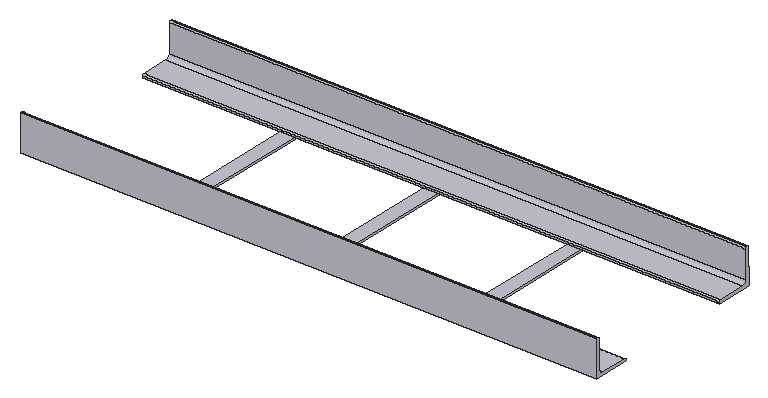
Revit family "ADSK_Обобщенная модель_Перемычка из уголков", category Generic Models, host Wall, Revit 2022
Family settings
  Host = Wall
  Can host rebar = No
  Round Connector Dimension = Use Diameter
  Part Type = Normal
  Always vertical = Yes
  Cut with Voids When Loaded = No
  Maintain Annotation Orientation = No
  Shared = Yes
  Room Calculation Point = No
Parameters (values of type "ADSK_Обобщенная модель_Перемычка из уголков")
  уголок_опирание_2 [instance] = 250 mm
  уголок_опирание_1 [instance] = 250 mm
  толщина стены [instance] = Толщина стены  # 920 mm
  полоса_шаг [instance] = if(Полоса_Шаг < size_lookup(ТВ1, "b", 10 mm, Полоса), size_lookup(ТВ1, "b", 10 mm, Полоса), Полоса_Шаг)  # 500 mm
  Ширина проема [instance] = 1510 mm
  Уголок_Полки внутрь [instance] = no
  Толщина утеплителя [instance] = 0 mm
  Толщина сердцевины [instance] = 640 mm
  Толщина наружной отделки [instance] = 260 mm
  Толщина внутренней отделки [instance] = 20 mm
  ТВ3 = "Уголок_ГОСТ 8510-86"  # constant formula
  Проверка_неравн_уголок [instance] = if(m_неравн_на_мп > 0.00 kg/m, 1 = 1, 1 = 0)  # no
  Полоса [instance] = "6x50"
  Орг.ТипВключатьВСпецификацию [instance] = no
  Орг.ИзделиеТипПодсчета [instance] = 200  # constant formula
  Опорные уголки [instance] = "125х10"
  Мрк.МаркаКонструкции [instance] = ""
  Внутренний уголок [instance] = "125х10"
  Уголок для облицовки [instance] = "125х10"
  ТВ2 = "Уголок_ГОСТ 8509-93"  # constant formula
  толщина внутренней отделки [instance] = if(Толщина стены - Толщина внутренней отделки - Толщина наружной отделки = Толщина сердцевины, Толщина внутренней отделки, Толщина стены - Толщина внутренней отделки)  # 20 mm
  ТВ1 = "Прокат_Полоса_ГОСТ 103-2006"  # constant formula
  Размер четверти [instance] = 0 mm
  Пластина_отступ_массив [instance] = if((Ширина проема - полоса_шаг * (round(Ширина проема / полоса_шаг) - 1)) / 2 > size_lookup(ТВ1, "b", 0 mm, Полоса) / 2, (Ширина проема - полоса_шаг * (round(Ширина проема / полоса_шаг) - 1)) / 2, (Ширина проема - полоса_шаг * (round(Ширина проема / полоса_шаг) - 2)) / 2)  # 255 mm
  Полоса_Шаг [instance] = 500 mm
  Полоса_Отступ [instance] = 40 mm
  Пластина_Длина [instance] = Толщина сердцевины - 2 * Полоса_Отступ  # 560 mm
  Пластина_N [instance] = if((Ширина проема - Полоса_Шаг * (round(Ширина проема / Полоса_Шаг) - 1)) / 2 > size_lookup(ТВ1, "b", 0 mm, Полоса) / 2, Ширина проема / Полоса_Шаг, Ширина проема / Полоса_Шаг - 1)  # 3
  Перемычка 1 [instance] = and(Толщина утеплителя > 0 mm, Видимость перемычки)  # no
  Default Elevation = 0 mm
  Отметка перемычки [instance] = 2000 mm
  Description = "Перемычка"  # constant formula
  Уголок_Длина [instance] = Ширина проема + уголок_опирание_1 + уголок_опирание_2  # 2010 mm
  Толщина стены [instance] = 920 mm
  Вкл_Видимость_1 уголок [instance] = no
  Видимость_опорный уголок_2 [instance] = no
  Видимость_опорный уголок_1 [instance] = no
  Видимость_2 уголок_неравн [instance] = if(and(Видимость перемычки, and(Проверка_неравн_уголок, Вкл_Видимость_1 уголок)), 1 = 0, if(and(Видимость перемычки, Проверка_неравн_уголок), 1 = 1, 1 = 0))  # no
  Видимость_2 уголок [instance] = if(and(Видимость перемычки, Вкл_Видимость_1 уголок), 1 = 0, if(and(Видимость перемычки, not(Проверка_неравн_уголок)), 1 = 1, 1 = 0))  # yes
  Видимость_1 уголок_неравн [instance] = if(and(Видимость перемычки, Проверка_неравн_уголок), 1 = 1, 1 = 0)  # no
  Видимость_1 уголок [instance] = if(and(Видимость перемычки, not(Видимость_1 уголок_неравн)), 1 = 1, 1 = 0)  # yes
  Видимость пластин [instance] = if(and(Видимость перемычки, or(Видимость_2 уголок, Видимость_2 уголок_неравн)), 1 = 1, 1 = 0)  # yes
  Видимость перемычки [instance] = yes
  m_полоса_на_мп [instance] = size_lookup(ТВ1, "ADSK_Масса на единицу длины", 0.00 kg/m, Полоса)  # 2.355 kg/m
  m_опорн_на_мп [instance] = size_lookup(ТВ2, "ADSK_Масса на единицу длины", 0.00 kg/m, Опорные уголки)  # 19.10 kg/m
  m_облиц_на_мп [instance] = size_lookup(ТВ2, "ADSK_Масса на единицу длины", 0.00 kg/m, Уголок для облицовки)  # 19.10 kg/m
  m_неравн_на_мп [instance] = size_lookup(ТВ3, "ADSK_Масса на единицу длины", 0.00 kg/m, Внутренний уголок)  # 0.00 kg/m
  m_внутр_на_мп [instance] = size_lookup(ТВ2, "ADSK_Масса на единицу длины", 0.00 kg/m, Внутренний уголок)  # 19.10 kg/m
  m4_2 [instance] = if(Видимость_опорный уголок_2, m_опорн_на_мп * Толщина сердцевины, 0.00 kg)  # 0.00 kg
  m4_1 [instance] = if(Видимость_опорный уголок_1, m_опорн_на_мп * Толщина сердцевины, 0.00 kg)  # 0.00 kg
  m3 [instance] = if(Видимость пластин, m_полоса_на_мп * Пластина_Длина, 0.00 kg)  # 1.3188 kg
  m2_4 [instance] = if(Видимость_2 уголок_неравн, m_неравн_на_мп * Уголок_Длина, 0.00 kg)  # 0.00 kg
  m2_3 [instance] = if(Видимость_1 уголок_неравн, m_неравн_на_мп * Уголок_Длина, 0.00 kg)  # 0.00 kg
  m2_2 [instance] = if(Видимость_2 уголок, m_внутр_на_мп * Уголок_Длина, 0.00 kg)  # 38.391 kg
  m2_1 [instance] = if(Видимость_1 уголок, m_внутр_на_мп * Уголок_Длина, 0.00 kg)  # 38.391 kg
  m1 [instance] = if(Перемычка 1, m_облиц_на_мп * Уголок_Длина, 0.00 kg)  # 0.00 kg
  b4 [instance] = if(Уголок_Полки внутрь, Толщина стены / 2 - Толщина внутренней отделки, Толщина стены / 2 - Толщина внутренней отделки + size_lookup(ТВ2, "t", 0 mm, Внутренний уголок))  # 450 mm
  b3 [instance] = Толщина стены / 2 - Толщина наружной отделки - Полоса_Отступ  # 160 mm
  b2 [instance] = if(Уголок_Полки внутрь, Толщина стены / 2 - Толщина наружной отделки, Толщина стены / 2 - Толщина наружной отделки + size_lookup(ТВ2, "t", 0 mm, Внутренний уголок))  # 210 mm
  b1 [instance] = Толщина стены / 2 - Толщина наружной отделки + Толщина утеплителя - size_lookup(ТВ2, "t", 0 mm, Уголок для облицовки)  # 190 mm
  PGS_МаркаПеремычки [instance] = ""
  ADSK_Позиция_Сортировка [instance] = size_lookup(ТВ2, "ADSK_Группа конструкций", 0, Внутренний уголок) * 10000000000 + size_lookup(ТВ1, "ADSK_Группа конструкций", 0, Полоса) * 100000000 + if(Перемычка 1, size_lookup(ТВ2, "ADSK_Группа конструкций", 0, Уголок для облицовки), 0) * 1000000 + Уголок_Длина / 100 mm * 10000 + Пластина_Длина / 10 mm * 100 + Полоса_Шаг / 10 mm + if(and(Размер четверти > 0 mm, Толщина утеплителя > 0 mm), 0.1, 0) + if(Толщина утеплителя > 0 mm, 0.2, 0) + if(Уголок_Полки внутрь, 0.01, 0)  # 588800206610
  ADSK_Наименование [instance] = "Перемычка металлическая"  # constant formula
  ADSK_Масса элемента [instance] = m1 + m2_1 + m2_2 + m2_3 + m2_4 + m3 * Пластина_N + m4_1 + m4_2  # 80.7384 kg
  ADSK_Группирование [instance] = "Родительское"
  ADSK_Группа конструкций [instance] = 6
  ADSK_Версия семейства = "1.0"  # constant formula
  ADSK_Версия Revit = "2022"  # constant formula
Types (2): name
  ADSK_Обобщенная модель_Перемычка из уголков
  Перемычка из уголков
Reference planes
  plane 1 "Стена": y = 0
  plane 2 "По центру (Влево/Вправо)": x = 125
  plane 3 "Сзади": y = 460
  plane 4: y = -440
  plane 5: y = 190
  plane 6: y = 160
  plane 7: y = -450
  plane 8 "Плоскость отметки": z = 2000
  plane 9: y = -120
  plane 10: z = 2000
  plane 11: y = -460
  plane 12: z = 0
  plane 13: x = -630
  plane 14: x = 880
  plane 15: x = -880
  plane 16: x = 1130
  plane 17: y = 210
  plane 18: x = -375
  plane 19: x = 125
Lines and regions (mm)
  model lines, style "InvisibleLines", not visible
    curve 1: line (125, 0, 2000) -> (125, 0, 0)
  symbolic lines, style "Условные элементы", visible <- "Видимость перемычки", detail levels coarse
    curve 2: line (-880, -120, 0) -> (1130, -120, 0)
Text (mm)
  text "Сторона размещения" at (-1848.837, 1116.779, 0), in view "Опорный уровень"
  text "Сторона размещения" at (0, 1409.804, 2854.306), in view "Слева"
  text "Сторона размещения" at (0, 499.811, 2980.732), in view "Справа"
Dimensions and locks
  locked: plane 3 "Сзади" to host wall
  "Толщина сердцевины": host wall to host wall
  "Размер четверти": plane 8 "Плоскость отметки" to plane 10
  "Толщина внутренней отделки": host wall to host wall
  "толщина внутренней отделки": plane 4 to plane 11
  "Толщина стены": host wall to host wall
  "Отметка перемычки": plane 8 "Плоскость отметки" to plane 12
  "Толщина наружной отделки": host wall to host wall
  equal spacing: host wall, plane 9, host wall
  equal spacing: plane 13, plane 2 "По центру (Влево/Вправо)", plane 14
  "Ширина проема": plane 13 to plane 14
  "толщина стены": plane 3 "Сзади" to plane 11
  "b1": plane 5 to plane 1 "Стена"
  "b3": plane 6 to plane 1 "Стена"
  "b4": plane 1 "Стена" to plane 7
  "b2": plane 17 to plane 1 "Стена"
  "полоса_шаг": plane 18 to plane 19
  "Пластина_отступ_массив": plane 13 to plane 18
  equal spacing: group 1, group 2, group 3  (x3)
  "уголок_опирание_2": plane 14 to plane 16
  "уголок_опирание_1": plane 15 to plane 13
  aligned and locked: plane 1 "Стена" to host wall
  aligned and locked: plane 10 to nested 1
  aligned and locked: level to plane 12
  aligned and locked: plane 2 "По центру (Влево/Вправо)" to curve 1
  aligned and locked: curve 2 to plane 9
  aligned and locked: plane 15 to curve 2
  aligned and locked: plane 16 to curve 2
  aligned and locked: plane 5 to nested 1
  aligned and locked: plane 8 "Плоскость отметки" to nested 2  (x2)
  aligned and locked: plane 6 to nested 2
  aligned and locked: plane 17 to nested 3
  aligned and locked: nested 4 to plane 7
  aligned and locked: plane 18 to nested 2
  aligned and locked: plane 19 to nested 5
  aligned and locked: nested 2 to plane 6
  aligned and locked: plane 6 to nested 5
  aligned and locked: nested 5 to plane 8 "Плоскость отметки"
  aligned and locked: nested 1 to plane 13
  aligned and locked: nested 3 to plane 13
  aligned and locked: plane 14 to nested 3
  aligned and locked: plane 13 to nested 4
  aligned and locked: nested 4 to plane 14
  aligned and locked: plane 15 to nested 7
  aligned and locked: plane 8 "Плоскость отметки" to nested 7
  aligned and locked: plane 16 to nested 8
  aligned and locked: nested 7 to plane 8 "Плоскость отметки"
  aligned and locked: plane 8 "Плоскость отметки" to nested 8
  aligned and locked: plane 4 to nested 7  (x2)
  aligned and locked: plane 4 to nested 8
  aligned and locked: nested 7 to plane 4
  aligned and locked: nested 10 to plane 2 "По центру (Влево/Вправо)"
  aligned and locked: plane 7 to nested 10
  aligned and locked: plane 17 to nested 9
  aligned and locked: nested 9 to plane 13
  aligned and locked: nested 10 to plane 13
  aligned and locked: nested 9 to plane 8 "Плоскость отметки"
  aligned and locked: nested 10 to plane 8 "Плоскость отметки"
Automatic sketch dimensions
  curve 1 to level = 0 mm
  curve 1 to plane 8 "Плоскость отметки" = 0 mm
Nested families
  nested 1: "ADSK_ОбобщеннаяМодель_Уголок_ГОСТ 85091" at (350, 190, 2000) x (-1, 0, 0) z (0, 0, 1), Тип уголка <- "Уголок для облицовки", visible <- "Перемычка 1", ADSK_Группа конструкций <- "ADSK_Группа конструкций", Орг.ТипВключатьВСпецификацию <- "Орг.ТипВключатьВСпецификацию", Мрк.МаркаКонструкции <- "Мрк.МаркаКонструкции", ADSK_Масса элемента <- "m1", Длина_без опирания <- "Ширина проема", Опирание_1 <- "уголок_опирание_2", Опирание_2 <- "уголок_опирание_1", type "ADSK_ОбобщеннаяМодель_Уголок_ГОСТ 8509-93", detail levels medium+fine
    with Тип уголка "125х10", Смещение по Z yes, Смещение по Y yes, Профиль развернут no, Орг.ТипВключатьВСпецификацию no, Орг.ИзделиеТипПодсчета 100, Опирание_2 250 mm, Опирание_1 250 mm, Длина_без опирания 1510 mm, t 1.0 cm, r 0.46 cm, iyo 2.47 cm, ix 3.85 cm, b 12.5 cm, Z 34.5 mm, Y 34.5 mm, Xo 3.45 cm, Wyo 30.45 cm³, Wx 39.74 cm³, R 1.4 cm, PGS_МаркаПеремычки "", Iyo 148.59 cm⁴, Ixy 211.00 cm⁴, Ixo 571.04 cm⁴, Ix 359.82 cm⁴, ADSK_Тип элемента КМ 2, ADSK_Позиция ведомость элементов "", ADSK_Наименование профиля "Уголки стальные горячекатаные равнополочные", ADSK_Наименование краткое "125x10", ADSK_Наименование "125x10", ADSK_Материал ADSK_Металл_Сталь литейная, ADSK_Масса элемента 0.00 kg, ADSK_Масса на единицу длины 19.10 kg/m, Мрк.МаркаКонструкции "", Мрк.МаркаИзделия "", ADSK_Деталь наоборот no, ADSK_Группирование "Вложенное", ADSK_Группа конструкций 6, ADSK_Главная деталь конструкции no, Орг.ГлавнаяДетальСборки no, ADSK_Размер_Длина 2010 mm
  nested 2: "ADSK_ОбобщеннаяМодель_Прокат_Полоса_ГОСТ 103-2006" at (-375, -400, 2000) x (0, 1, 0) z (0, 0, -1), Сечение проката <- "Полоса", ADSK_Размер_Длина <- "Пластина_Длина", visible <- "Видимость пластин", ADSK_Группа конструкций <- "ADSK_Группа конструкций", ADSK_Шаг элементов <- "Полоса_Шаг", Орг.ТипВключатьВСпецификацию <- "Орг.ТипВключатьВСпецификацию", Мрк.МаркаКонструкции <- "Мрк.МаркаКонструкции", ADSK_Масса элемента <- "m3", type "ADSK_ОбобщеннаяМодель_Прокат_Полоса_ГОСТ 103-2006", detail levels medium+fine
    with Угол поворота сечения 0.00°, Угол 0.00°, Угловой вырез_Сторона 2 2.0 cm, Угловой вырез_Сторона 1 4.0 cm, Угловой вырез_Радиус 2.0 cm, Угловой вырез_4 none, Угловой вырез_3 none, Угловой вырез_2 none, Угловой вырез_1 none, Смещение по Z yes, Смещение по Y no, Сечение проката "6x50", Орг.ТипВключатьВСпецификацию no, Орг.ИзделиеТипПодсчета 100, Вырез под болты_С торцов none, Вырез под болты_С боков none, Вырез под болты_Размер до центра 20 mm, Вырез под болты_Диаметр 20 mm, Видимость линии yes, b 5.0 cm, a 0.6 cm, Z(1) 0.6 cm, Z(-1) 0.0 cm, Z 0.3 cm, Y(1) 2.5 cm, Y(-1) 2.5 cm, Y 0.0 cm, PGS_МаркаПеремычки "", ADSK_Шаг элементов 500 mm, ADSK_Тип элемента КМ 2, ADSK_Размер_Длина 560 mm, ADSK_Позиция ведомость элементов "", ADSK_Обозначение "ГОСТ 103-2006", ADSK_НаименованиеСоставное_Текст1 "Полоса", ADSK_Наименование профиля "Прокат сортовой стальной горячекатаный полосовой", ADSK_Наименование краткое "t6", ADSK_Наименование "6x50", ADSK_Материал ADSK_Металл_Сталь литейная, ADSK_Масса элемента 1.3188 kg, ADSK_Масса на единицу длины 2.355 kg/m, Мрк.МаркаКонструкции "", Мрк.МаркаИзделия "", ADSK_Деталь наоборот no, ADSK_Группирование "Вложенное", ADSK_Группа конструкций 6, ADSK_Главная деталь конструкции no, Орг.ГлавнаяДетальСборки no
  nested 3: "ADSK_ОбобщеннаяМодель_Уголок_ГОСТ 85091" at (-100, 210, 2000), ADSK_Группа конструкций <- "ADSK_Группа конструкций", Тип уголка <- "Внутренний уголок", Профиль развернут <- "Уголок_Полки внутрь", visible <- "Видимость_2 уголок", Орг.ТипВключатьВСпецификацию <- "Орг.ТипВключатьВСпецификацию", Мрк.МаркаКонструкции <- "Мрк.МаркаКонструкции", ADSK_Масса элемента <- "m2_1", Опирание_1 <- "уголок_опирание_1", Опирание_2 <- "уголок_опирание_2", Длина_без опирания <- "Ширина проема", type "ADSK_ОбобщеннаяМодель_Уголок_ГОСТ 8509-93", detail levels medium+fine
    with Тип уголка "125х10", Смещение по Z yes, Смещение по Y yes, Профиль развернут no, Орг.ТипВключатьВСпецификацию no, Орг.ИзделиеТипПодсчета 100, Опирание_2 250 mm, Опирание_1 250 mm, Длина_без опирания 1510 mm, t 1.0 cm, r 0.46 cm, iyo 2.47 cm, ix 3.85 cm, b 12.5 cm, Z 34.5 mm, Y 34.5 mm, Xo 3.45 cm, Wyo 30.45 cm³, Wx 39.74 cm³, R 1.4 cm, PGS_МаркаПеремычки "", Iyo 148.59 cm⁴, Ixy 211.00 cm⁴, Ixo 571.04 cm⁴, Ix 359.82 cm⁴, ADSK_Тип элемента КМ 2, ADSK_Позиция ведомость элементов "", ADSK_Наименование профиля "Уголки стальные горячекатаные равнополочные", ADSK_Наименование краткое "125x10", ADSK_Наименование "125x10", ADSK_Материал ADSK_Металл_Сталь литейная, ADSK_Масса элемента 38.391 kg, ADSK_Масса на единицу длины 19.10 kg/m, Мрк.МаркаКонструкции "", Мрк.МаркаИзделия "", ADSK_Деталь наоборот no, ADSK_Группирование "Вложенное", ADSK_Группа конструкций 6, ADSK_Главная деталь конструкции no, Орг.ГлавнаяДетальСборки no, ADSK_Размер_Длина 2010 mm
  nested 4: "ADSK_ОбобщеннаяМодель_Уголок_ГОСТ 85091" at (-100, -450, 2000), ADSK_Группа конструкций <- "ADSK_Группа конструкций", Тип уголка <- "Внутренний уголок", Профиль развернут <- "Уголок_Полки внутрь", visible <- "Видимость_1 уголок", Орг.ТипВключатьВСпецификацию <- "Орг.ТипВключатьВСпецификацию", Мрк.МаркаКонструкции <- "Мрк.МаркаКонструкции", ADSK_Масса элемента <- "m2_1", Опирание_1 <- "уголок_опирание_1", Опирание_2 <- "уголок_опирание_2", Длина_без опирания <- "Ширина проема", type "ADSK_ОбобщеннаяМодель_Уголок_ГОСТ 8509-93", detail levels medium+fine
    with Тип уголка "125х10", Смещение по Z yes, Смещение по Y yes, Профиль развернут no, Орг.ТипВключатьВСпецификацию no, Орг.ИзделиеТипПодсчета 100, Опирание_2 250 mm, Опирание_1 250 mm, Длина_без опирания 1510 mm, t 1.0 cm, r 0.46 cm, iyo 2.47 cm, ix 3.85 cm, b 12.5 cm, Z 34.5 mm, Y 34.5 mm, Xo 3.45 cm, Wyo 30.45 cm³, Wx 39.74 cm³, R 1.4 cm, PGS_МаркаПеремычки "", Iyo 148.59 cm⁴, Ixy 211.00 cm⁴, Ixo 571.04 cm⁴, Ix 359.82 cm⁴, ADSK_Тип элемента КМ 2, ADSK_Позиция ведомость элементов "", ADSK_Наименование профиля "Уголки стальные горячекатаные равнополочные", ADSK_Наименование краткое "125x10", ADSK_Наименование "125x10", ADSK_Материал ADSK_Металл_Сталь литейная, ADSK_Масса элемента 38.391 kg, ADSK_Масса на единицу длины 19.10 kg/m, Мрк.МаркаКонструкции "", Мрк.МаркаИзделия "", ADSK_Деталь наоборот no, ADSK_Группирование "Вложенное", ADSK_Группа конструкций 6, ADSK_Главная деталь конструкции no, Орг.ГлавнаяДетальСборки no, ADSK_Размер_Длина 2010 mm
  nested 5: "ADSK_ОбобщеннаяМодель_Прокат_Полоса_ГОСТ 103-2006" at (125, -400, 2000) x (0, 1, 0) z (0, 0, -1), Сечение проката <- "Полоса", ADSK_Размер_Длина <- "Пластина_Длина", visible <- "Видимость пластин", ADSK_Группа конструкций <- "ADSK_Группа конструкций", ADSK_Шаг элементов <- "Полоса_Шаг", Орг.ТипВключатьВСпецификацию <- "Орг.ТипВключатьВСпецификацию", Мрк.МаркаКонструкции <- "Мрк.МаркаКонструкции", ADSK_Масса элемента <- "m3", type "ADSK_ОбобщеннаяМодель_Прокат_Полоса_ГОСТ 103-2006", detail levels medium+fine
    with Угол поворота сечения 0.00°, Угол 0.00°, Угловой вырез_Сторона 2 2.0 cm, Угловой вырез_Сторона 1 4.0 cm, Угловой вырез_Радиус 2.0 cm, Угловой вырез_4 none, Угловой вырез_3 none, Угловой вырез_2 none, Угловой вырез_1 none, Смещение по Z yes, Смещение по Y no, Сечение проката "6x50", Орг.ТипВключатьВСпецификацию no, Орг.ИзделиеТипПодсчета 100, Вырез под болты_С торцов none, Вырез под болты_С боков none, Вырез под болты_Размер до центра 20 mm, Вырез под болты_Диаметр 20 mm, Видимость линии yes, b 5.0 cm, a 0.6 cm, Z(1) 0.6 cm, Z(-1) 0.0 cm, Z 0.3 cm, Y(1) 2.5 cm, Y(-1) 2.5 cm, Y 0.0 cm, PGS_МаркаПеремычки "", ADSK_Шаг элементов 500 mm, ADSK_Тип элемента КМ 2, ADSK_Размер_Длина 560 mm, ADSK_Позиция ведомость элементов "", ADSK_Обозначение "ГОСТ 103-2006", ADSK_НаименованиеСоставное_Текст1 "Полоса", ADSK_Наименование профиля "Прокат сортовой стальной горячекатаный полосовой", ADSK_Наименование краткое "t6", ADSK_Наименование "6x50", ADSK_Материал ADSK_Металл_Сталь литейная, ADSK_Масса элемента 1.3188 kg, ADSK_Масса на единицу длины 2.355 kg/m, Мрк.МаркаКонструкции "", Мрк.МаркаИзделия "", ADSK_Деталь наоборот no, ADSK_Группирование "Вложенное", ADSK_Группа конструкций 6, ADSK_Главная деталь конструкции no, Орг.ГлавнаяДетальСборки no
  nested 6: "ADSK_ОбобщеннаяМодель_Прокат_Полоса_ГОСТ 103-2006" at (625, -400, 2000) x (0, 1, 0) z (0, 0, -1), Сечение проката <- "Полоса", ADSK_Размер_Длина <- "Пластина_Длина", visible <- "Видимость пластин", ADSK_Группа конструкций <- "ADSK_Группа конструкций", ADSK_Шаг элементов <- "Полоса_Шаг", Орг.ТипВключатьВСпецификацию <- "Орг.ТипВключатьВСпецификацию", Мрк.МаркаКонструкции <- "Мрк.МаркаКонструкции", ADSK_Масса элемента <- "m3", type "ADSK_ОбобщеннаяМодель_Прокат_Полоса_ГОСТ 103-2006", detail levels medium+fine
    with Угол поворота сечения 0.00°, Угол 0.00°, Угловой вырез_Сторона 2 2.0 cm, Угловой вырез_Сторона 1 4.0 cm, Угловой вырез_Радиус 2.0 cm, Угловой вырез_4 none, Угловой вырез_3 none, Угловой вырез_2 none, Угловой вырез_1 none, Смещение по Z yes, Смещение по Y no, Сечение проката "6x50", Орг.ТипВключатьВСпецификацию no, Орг.ИзделиеТипПодсчета 100, Вырез под болты_С торцов none, Вырез под болты_С боков none, Вырез под болты_Размер до центра 20 mm, Вырез под болты_Диаметр 20 mm, Видимость линии yes, b 5.0 cm, a 0.6 cm, Z(1) 0.6 cm, Z(-1) 0.0 cm, Z 0.3 cm, Y(1) 2.5 cm, Y(-1) 2.5 cm, Y 0.0 cm, PGS_МаркаПеремычки "", ADSK_Шаг элементов 500 mm, ADSK_Тип элемента КМ 2, ADSK_Размер_Длина 560 mm, ADSK_Позиция ведомость элементов "", ADSK_Обозначение "ГОСТ 103-2006", ADSK_НаименованиеСоставное_Текст1 "Полоса", ADSK_Наименование профиля "Прокат сортовой стальной горячекатаный полосовой", ADSK_Наименование краткое "t6", ADSK_Наименование "6x50", ADSK_Материал ADSK_Металл_Сталь литейная, ADSK_Масса элемента 1.3188 kg, ADSK_Масса на единицу длины 2.355 kg/m, Мрк.МаркаКонструкции "", Мрк.МаркаИзделия "", ADSK_Деталь наоборот no, ADSK_Группирование "Вложенное", ADSK_Группа конструкций 6, ADSK_Главная деталь конструкции no, Орг.ГлавнаяДетальСборки no
  nested 7: "ADSK_ОбобщеннаяМодель_Уголок_ГОСТ 85091_опорный" at (-755, -130, 2000) x (0, 1, 0) z (0, 0, -1), ADSK_Группа конструкций <- "ADSK_Группа конструкций", Тип уголка <- "Опорные уголки", visible <- "Видимость_опорный уголок_1", Орг.ТипВключатьВСпецификацию <- "Орг.ТипВключатьВСпецификацию", Мрк.МаркаКонструкции <- "Мрк.МаркаКонструкции", ADSK_Масса элемента <- "m4_1", ADSK_Размер_Длина <- "Толщина сердцевины", type "ADSK_ОбобщеннаяМодель_Уголок_ГОСТ 8509-93 2", detail levels medium+fine
    with Тип уголка "125х10", Смещение по Z yes, Смещение по Y yes, Профиль развернут yes, Орг.ТипВключатьВСпецификацию no, Орг.ИзделиеТипПодсчета 100, t 1.0 cm, r 0.46 cm, iyo 2.47 cm, ix 3.85 cm, b 12.5 cm, Z 34.5 mm, Y 90.5 mm, Xo 3.45 cm, Wyo 30.45 cm³, Wx 39.74 cm³, R 1.4 cm, PGS_МаркаПеремычки "", Iyo 148.59 cm⁴, Ixy 211.00 cm⁴, Ixo 571.04 cm⁴, Ix 359.82 cm⁴, ADSK_Тип элемента КМ 2, ADSK_Размер_Длина 640 mm, ADSK_Позиция ведомость элементов "", ADSK_Наименование профиля "Уголки стальные горячекатаные равнополочные", ADSK_Наименование краткое "125x10", ADSK_Наименование "125x10", ADSK_Материал ADSK_Металл_Сталь литейная, ADSK_Масса элемента 0.00 kg, ADSK_Масса на единицу длины 19.10 kg/m, Мрк.МаркаКонструкции "", Мрк.МаркаИзделия "", ADSK_Деталь наоборот no, ADSK_Группирование "Вложенное", ADSK_Группа конструкций 6, ADSK_Главная деталь конструкции no, Орг.ГлавнаяДетальСборки no
  nested 8: "ADSK_ОбобщеннаяМодель_Уголок_ГОСТ 85091_опорный" at (1130, -130, 2000) x (0, 1, 0) z (0, 0, -1), ADSK_Группа конструкций <- "ADSK_Группа конструкций", Тип уголка <- "Опорные уголки", visible <- "Видимость_опорный уголок_2", Орг.ТипВключатьВСпецификацию <- "Орг.ТипВключатьВСпецификацию", Мрк.МаркаКонструкции <- "Мрк.МаркаКонструкции", ADSK_Масса элемента <- "m4_2", ADSK_Размер_Длина <- "Толщина сердцевины", type "ADSK_ОбобщеннаяМодель_Уголок_ГОСТ 8509-93 2", detail levels medium+fine
    with Тип уголка "125х10", Смещение по Z yes, Смещение по Y yes, Профиль развернут no, Орг.ТипВключатьВСпецификацию no, Орг.ИзделиеТипПодсчета 100, t 1.0 cm, r 0.46 cm, iyo 2.47 cm, ix 3.85 cm, b 12.5 cm, Z 34.5 mm, Y 34.5 mm, Xo 3.45 cm, Wyo 30.45 cm³, Wx 39.74 cm³, R 1.4 cm, PGS_МаркаПеремычки "", Iyo 148.59 cm⁴, Ixy 211.00 cm⁴, Ixo 571.04 cm⁴, Ix 359.82 cm⁴, ADSK_Тип элемента КМ 2, ADSK_Размер_Длина 640 mm, ADSK_Позиция ведомость элементов "", ADSK_Наименование профиля "Уголки стальные горячекатаные равнополочные", ADSK_Наименование краткое "125x10", ADSK_Наименование "125x10", ADSK_Материал ADSK_Металл_Сталь литейная, ADSK_Масса элемента 0.00 kg, ADSK_Масса на единицу длины 19.10 kg/m, Мрк.МаркаКонструкции "", Мрк.МаркаИзделия "", ADSK_Деталь наоборот no, ADSK_Группирование "Вложенное", ADSK_Группа конструкций 6, ADSK_Главная деталь конструкции no, Орг.ГлавнаяДетальСборки no
  nested 9: "PGS_ОбобщеннаяМодель_Уголок_ГОСТ 8510-86" at (150, 155.1, 2034.3) x (-1, 0, 0) z (0, 0, 1), Опирание_1 <- "уголок_опирание_1", Опирание_2 <- "уголок_опирание_2", Длина_без опирания <- "Ширина проема", Тип уголка <- "Внутренний уголок", visible <- "Видимость_2 уголок_неравн", Мрк.МаркаКонструкции <- "Мрк.МаркаКонструкции", ADSK_Масса элемента <- "m2_4", Орг.ТипВключатьВСпецификацию <- "Орг.ТипВключатьВСпецификацию", Профиль развернут <- "Уголок_Полки внутрь", type "ADSK_ОбобщеннаяМодель_Уголок_ГОСТ 8510-86"
    with Тип уголка "125х10", Смещение по Z no, Смещение по Y no, Профиль развернут no, Орг.ТипВключатьВСпецификацию no, Орг.ИзделиеТипПодсчета 100, Орг.ГлавнаяДетальСборки no, Опирание_2 250 mm, Опирание_1 250 mm, Мрк.МаркаКонструкции "", Мрк.МаркаИзделия "", Длина_без опирания 1510 mm, t 0.3 cm, r 0.12 cm, lumin 0.00 cm⁴, ix 0.0 cm, iumin 0.0 cm, b 2.0 cm, Z 0 mm, Y 0 mm, Xo 0.12 cm, Wy 0.0 cm³, Wx 0.0 cm³, R 0.35 cm, PGS_МаркаПеремычки "", Iy 0.00 cm⁴, Ixy 0.00 cm⁴, Ix 0.00 cm⁴, ADSK_Тип элемента КМ 2, ADSK_Позиция ведомость элементов "", ADSK_Наименование профиля "Уголки стальные горячекатаные неравнополочные", ADSK_Наименование краткое "Неверный тип уголка", ADSK_Наименование "Неверный тип уголка", ADSK_Материал ADSK_Металл_Сталь литейная, ADSK_Масса элемента 0.00 kg, ADSK_Масса на единицу длины 0.00 kg/m, ADSK_Деталь наоборот no, ADSK_Группирование "Вложенное", ADSK_Группа конструкций 6, ADSK_Главная деталь конструкции no, ADSK_Размер_Длина 2010 mm
  nested 10: "PGS_ОбобщеннаяМодель_Уголок_ГОСТ 8510-86" at (100, -395.1, 2034.3), Опирание_1 <- "уголок_опирание_1", Опирание_2 <- "уголок_опирание_2", Длина_без опирания <- "Ширина проема", Тип уголка <- "Внутренний уголок", visible <- "Видимость_1 уголок_неравн", Мрк.МаркаКонструкции <- "Мрк.МаркаКонструкции", ADSK_Масса элемента <- "m2_3", Орг.ТипВключатьВСпецификацию <- "Орг.ТипВключатьВСпецификацию", Профиль развернут <- "Уголок_Полки внутрь", type "ADSK_ОбобщеннаяМодель_Уголок_ГОСТ 8510-86"
    with Тип уголка "125х10", Смещение по Z no, Смещение по Y no, Профиль развернут no, Орг.ТипВключатьВСпецификацию no, Орг.ИзделиеТипПодсчета 100, Орг.ГлавнаяДетальСборки no, Опирание_2 250 mm, Опирание_1 250 mm, Мрк.МаркаКонструкции "", Мрк.МаркаИзделия "", Длина_без опирания 1510 mm, t 0.3 cm, r 0.12 cm, lumin 0.00 cm⁴, ix 0.0 cm, iumin 0.0 cm, b 2.0 cm, Z 0 mm, Y 0 mm, Xo 0.12 cm, Wy 0.0 cm³, Wx 0.0 cm³, R 0.35 cm, PGS_МаркаПеремычки "", Iy 0.00 cm⁴, Ixy 0.00 cm⁴, Ix 0.00 cm⁴, ADSK_Тип элемента КМ 2, ADSK_Позиция ведомость элементов "", ADSK_Наименование профиля "Уголки стальные горячекатаные неравнополочные", ADSK_Наименование краткое "Неверный тип уголка", ADSK_Наименование "Неверный тип уголка", ADSK_Материал ADSK_Металл_Сталь литейная, ADSK_Масса элемента 0.00 kg, ADSK_Масса на единицу длины 0.00 kg/m, ADSK_Деталь наоборот no, ADSK_Группирование "Вложенное", ADSK_Группа конструкций 6, ADSK_Главная деталь конструкции no, ADSK_Размер_Длина 2010 mm
Definition of nested family "ADSK_ОбобщеннаяМодель_Уголок_ГОСТ 85091"
  Parameters (values of type "ADSK_ОбобщеннаяМодель_Уголок_ГОСТ 8509-93")
    Смещение по Z [instance] = no
    Смещение по Y [instance] = no
    Тип уголка [instance] = "50х5"
    ТВ = "Уголок_ГОСТ 8509-93"  # constant formula
    Профиль развернут [instance] = no
    Default Elevation = 1219.2 mm
    Орг.ТипВключатьВСпецификацию [instance] = no
    Орг.ИзделиеТипПодсчета [instance] = 100  # constant formula
    Опирание_2 [instance] = 50 mm
    Опирание_1 [instance] = 50 mm
    Длина_без опирания [instance] = 1510 mm
    r [instance] = size_lookup(ТВ, "r", 0.12 cm, ADSK_Наименование)  # 0.18 cm
    iyo [instance] = size_lookup(ТВ, "iyo", 0.0 cm, ADSK_Наименование)  # 0.98 cm
    ix [instance] = size_lookup(ТВ, "ix", 0.0 cm, ADSK_Наименование)  # 1.53 cm
    b [instance] = size_lookup(ТВ, "b", 2.0 cm, ADSK_Наименование)  # 5.0 cm
    t [instance] = size_lookup(ТВ, "t", 0.3 cm, ADSK_Наименование)  # 0.5 cm
    Z [instance] = if(Смещение по Z, Xo, 0 mm)  # 0 mm
    Y [instance] = if(Профиль развернут, if(Смещение по Y, b - Xo, 0 mm), if(Смещение по Y, Xo, 0 mm))  # 0 mm
    Xo [instance] = size_lookup(ТВ, "Xo", 0.12 cm, ADSK_Наименование)  # 1.42 cm
    Wyo [instance] = size_lookup(ТВ, "Wyo", 0.0 cm³, ADSK_Наименование)  # 2.3 cm³
    Wx [instance] = size_lookup(ТВ, "Wx", 0.0 cm³, ADSK_Наименование)  # 3.13 cm³
    R [instance] = size_lookup(ТВ, "R", 0.35 cm, ADSK_Наименование)  # 0.55 cm
    PGS_МаркаПеремычки [instance] = ""
    Iyo [instance] = size_lookup(ТВ, "Iyo", 0.00 cm⁴, ADSK_Наименование)  # 4.63 cm⁴
    Ixy [instance] = size_lookup(ТВ, "Ixy", 0.00 cm⁴, ADSK_Наименование)  # 6.57 cm⁴
    Ixo [instance] = size_lookup(ТВ, "Ixo", 0.00 cm⁴, ADSK_Наименование)  # 17.77 cm⁴
    Ix [instance] = size_lookup(ТВ, "Ix", 0.00 cm⁴, ADSK_Наименование)  # 11.20 cm⁴
    ADSK_Размер_Длина [instance] = 1610 mm
    ADSK_Позиция ведомость элементов [instance] = ""
    ADSK_Обозначение = "ГОСТ8509-93"  # constant formula
    ADSK_НаименованиеСоставное_Префикс = ""  # constant formula
    ADSK_НаименованиеСоставное_Текст1 = "Уголок"  # constant formula
    ADSK_Наименование краткое [instance] = ADSK_Наименование  # "50x5"
    ADSK_Наименование [instance] = size_lookup(ТВ, "", "Неверный тип уголка", Тип уголка)  # "50x5"
    ADSK_Материал [instance] = none
    ADSK_Масса элемента [instance] = 6.0697 kg
    ADSK_Масса на единицу длины [instance] = size_lookup(ТВ, "ADSK_Масса на единицу длины", 0.00 kg/m, ADSK_Наименование)  # 3.77 kg/m
    Мрк.МаркаКонструкции [instance] = ""
    ADSK_Тип элемента КМ [instance] = 2
    ADSK_Наименование профиля [instance] = "Уголки стальные горячекатаные равнополочные"  # constant formula
    Мрк.МаркаИзделия [instance] = ""
    ADSK_Деталь наоборот [instance] = no
    ADSK_Группирование [instance] = "Вложенное"  # constant formula
    ADSK_Группа конструкций [instance] = 6
    ADSK_Главная деталь конструкции [instance] = no
    Орг.ГлавнаяДетальСборки [instance] = no
    ADSK_Высота строки_Изображение = 0
    ADSK_Версия семейства = "1.0"  # constant formula
    ADSK_Версия Revit = "2021"  # constant formula
  Reference planes
    plane 1 "По центру (Вперед/Назад)": y = 0
    plane 2: z = 0
    plane 3 "По центру (Влево/Вправо)": x = 25
    plane 4: x = -780
    plane 5: x = 830
    plane 6: x = -730
    plane 7: x = 780
  Forms (mm)
    Sweep 1, solid, material <- "ADSK_Материал", detail levels coarse+medium
      path origin (0, 0, 0) x (1, 0, 0) y (0, 1, 0)
        loop
          line (830, 0) -> (-780, 0)
      profile "ADSK_Профиль_Уголок_ГОСТ 8509-93(ГОСТ 8510-86)_Средний : ADSK_Профиль_Уголок_ГОСТ 8509-93(ГОСТ 8510-86)_Средний" origin (25, 0, 0) x (0, -1, 0) y (0, 0, 1)
        loop
          line (-14.2, 35.8) -> (-14.2, -14.2) -> (35.8, -14.2) -> (35.8, -9.2) -> (-9.2, -9.2) -> (-9.2, 35.8) -> (-14.2, 35.8)
    Sweep 2, solid, material <- "ADSK_Материал", detail levels fine
      path origin (0, 0, 0) x (1, 0, 0) y (0, 1, 0)
        loop
          line (830, 0) -> (-780, 0)
      profile "ADSK_Профиль_Уголок_ГОСТ 8509-93(ГОСТ 8510-86)_Высокий : ADSK_Профиль_Уголок_ГОСТ 8509-93(ГОСТ 8510-86)_Высокий" origin (25, 0, 0) x (0, -1, 0) y (0, 0, 1)
        loop
          line (-14.2, 35.8) -> (-14.2, -14.2) -> (35.8, -14.2) -> (35.8, -11)
          arc (35.8, -11) -> (35.273, -9.727) -> (34, -9.2) r 1.8
          line (34, -9.2) -> (-3.7, -9.2)
          arc (-3.7, -9.2) -> (-7.589, -7.589) -> (-9.2, -3.7) r 5.5
          line (-9.2, -3.7) -> (-9.2, 34)
          arc (-9.2, 34) -> (-9.727, 35.273) -> (-11, 35.8) r 1.8
          line (-11, 35.8) -> (-14.2, 35.8)
  Lines and regions (mm)
    symbolic lines
      curve 1: line (830, 0, -9.2) -> (-780, 0, -9.2)
      curve 2: line (-780, 9.2, -10) -> (830, 9.2, -10)
  Dimensions and locks
    "Длина_без опирания": plane 6 to plane 7
    "Опирание_1": plane 4 to plane 6
    "Опирание_2": plane 7 to plane 5
    "ADSK_Размер_Длина": Sweep 2 to Sweep 2
    aligned and locked: level to plane 2
    aligned and locked: plane 1 "По центру (Вперед/Назад)" to Sweep 1 sketch curve
    aligned and locked: plane 5 to Sweep 1 sketch curve
    aligned and locked: plane 4 to Sweep 1 sketch curve
    aligned and locked: Sweep 2 sketch curve to plane 1 "По центру (Вперед/Назад)"
    aligned and locked: plane 4 to Sweep 2 sketch curve
    aligned and locked: plane 5 to Sweep 2 sketch curve
    aligned and locked: plane 5 to curve 1
    aligned and locked: plane 4 to curve 1
    aligned and locked: plane 4 to curve 2
    aligned and locked: plane 5 to curve 2
    aligned and locked: curve 1 to Sweep 1
    aligned and locked: curve 2 to Sweep 1
Definition of nested family "ADSK_ОбобщеннаяМодель_Прокат_Полоса_ГОСТ 103-2006"
  Parameters (values of type "ADSK_ОбобщеннаяМодель_Прокат_Полоса_ГОСТ 103-2006")
    Угол поворота сечения [instance] = 0.00°
    Угол [instance] = if(not(Угол поворота сечения < rounddown(Угол поворота сечения / 360.00°) * 360.00°), Угол поворота сечения - rounddown(Угол поворота сечения / 360.00°) * 360.00°, Угол поворота сечения)  # 0.00°
    Угловой вырез_Сторона 2 [instance] = 2.0 cm
    Угловой вырез_Сторона 1 [instance] = 4.0 cm
    Угловой вырез_Радиус [instance] = 2.0 cm
    Угловой вырез_4 [instance] = Нет : Нет
    Угловой вырез_3 [instance] = Нет : Нет
    Угловой вырез_2 [instance] = Нет : Нет
    Угловой вырез_1 [instance] = Нет : Нет
    ТВ = "Прокат_Полоса_ГОСТ 103-2006"  # constant formula
    Смещение по Z [instance] = no
    Смещение по Y [instance] = no
    Сечение проката [instance] = "5x60"
    Орг.ТипВключатьВСпецификацию [instance] = no
    Орг.ИзделиеТипПодсчета [instance] = 100  # constant formula
    Вырез под болты_С торцов [instance] = Нет : Нет
    Вырез под болты_С боков [instance] = Нет : Нет
    Вырез под болты_Размер до центра [instance] = 20 mm
    Вырез под болты_Диаметр [instance] = 20 mm
    Видимость линии [instance] = or(Угол = 0.00°, Угол = 90.00°, Угол = 180.00°, Угол = 270.00°, Угол = 360.00°)  # yes
    b [instance] = size_lookup(ТВ, "b", 0.5 cm, Сечение проката)  # 6.0 cm
    a [instance] = size_lookup(ТВ, "a", 0.5 cm, Сечение проката)  # 0.5 cm
    Z(1) [instance] = if(Смещение по Z, 2 * Z, if(Угол = 0.00°, a / 2, if(Угол < 90.00°, b / 2 * sin(Угол) + a / 2 * cos(Угол), if(Угол = 90.00°, b / 2, if(Угол < 180.00°, a / 2 * sin(Угол - 90.00°) + b / 2 * cos(Угол - 90.00°), if(Угол = 180.00°, a / 2, if(Угол < 270.00°, b / 2 * sin(Угол - 180.00°) + a / 2 * cos(Угол - 180.00°), if(Угол = 270.00°, b / 2, if(Угол < 360.00°, a / 2 * sin(Угол - 270.00°) + b / 2 * cos(Угол - 270.00°), if(Угол = 360.00°, a / 2, 0.0 cm))))))))))  # 0.25 cm
    Z(-1) [instance] = if(Смещение по Z, 0.0 cm, if(Угол = 0.00°, a / 2, if(Угол < 90.00°, b / 2 * sin(Угол) + a / 2 * cos(Угол), if(Угол = 90.00°, b / 2, if(Угол < 180.00°, a / 2 * sin(Угол - 90.00°) + b / 2 * cos(Угол - 90.00°), if(Угол = 180.00°, a / 2, if(Угол < 270.00°, b / 2 * sin(Угол - 180.00°) + a / 2 * cos(Угол - 180.00°), if(Угол = 270.00°, b / 2, if(Угол < 360.00°, a / 2 * sin(Угол - 270.00°) + b / 2 * cos(Угол - 270.00°), if(Угол = 360.00°, a / 2, 0.0 cm))))))))))  # 0.25 cm
    Z [instance] = if(Смещение по Z, if(Угол = 0.00°, a / 2, if(Угол < 90.00°, b / 2 * sin(Угол) + a / 2 * cos(Угол), if(Угол = 90.00°, b / 2, if(Угол < 180.00°, a / 2 * sin(Угол - 90.00°) + b / 2 * cos(Угол - 90.00°), if(Угол = 180.00°, a / 2, if(Угол < 270.00°, b / 2 * sin(Угол - 180.00°) + a / 2 * cos(Угол - 180.00°), if(Угол = 270.00°, b / 2, if(Угол < 360.00°, a / 2 * sin(Угол - 270.00°) + b / 2 * cos(Угол - 270.00°), if(Угол = 360.00°, a / 2, 0.0 cm))))))))), 0.0 cm)  # 0.0 cm
    Y(1) [instance] = if(Смещение по Y, 2 * Y, if(Угол = 0.00°, b / 2, if(Угол < 90.00°, b / 2 * cos(Угол) + a / 2 * sin(Угол), if(Угол = 90.00°, a / 2, if(Угол < 180.00°, a / 2 * cos(Угол - 90.00°) + b / 2 * sin(Угол - 90.00°), if(Угол = 180.00°, b / 2, if(Угол < 270.00°, b / 2 * cos(Угол - 180.00°) + a / 2 * sin(Угол - 180.00°), if(Угол = 270.00°, a / 2, if(Угол < 360.00°, a / 2 * cos(Угол - 270.00°) + b / 2 * sin(Угол - 270.00°), if(Угол = 360.00°, b / 2, 0.0 cm))))))))))  # 3.0 cm
    Y(-1) [instance] = if(Смещение по Y, 0.0 cm, if(Угол = 0.00°, b / 2, if(Угол < 90.00°, b / 2 * cos(Угол) + a / 2 * sin(Угол), if(Угол = 90.00°, a / 2, if(Угол < 180.00°, a / 2 * cos(Угол - 90.00°) + b / 2 * sin(Угол - 90.00°), if(Угол = 180.00°, b / 2, if(Угол < 270.00°, b / 2 * cos(Угол - 180.00°) + a / 2 * sin(Угол - 180.00°), if(Угол = 270.00°, a / 2, if(Угол < 360.00°, a / 2 * cos(Угол - 270.00°) + b / 2 * sin(Угол - 270.00°), if(Угол = 360.00°, b / 2, 0.0 cm))))))))))  # 3.0 cm
    Y [instance] = if(Смещение по Y, if(Угол = 0.00°, b / 2, if(Угол < 90.00°, b / 2 * cos(Угол) + a / 2 * sin(Угол), if(Угол = 90.00°, a / 2, if(Угол < 180.00°, a / 2 * cos(Угол - 90.00°) + b / 2 * sin(Угол - 90.00°), if(Угол = 180.00°, b / 2, if(Угол < 270.00°, b / 2 * cos(Угол - 180.00°) + a / 2 * sin(Угол - 180.00°), if(Угол = 270.00°, a / 2, if(Угол < 360.00°, a / 2 * cos(Угол - 270.00°) + b / 2 * sin(Угол - 270.00°), if(Угол = 360.00°, b / 2, 0.0 cm))))))))), 0.0 cm)  # 0.0 cm
    PGS_МаркаПеремычки [instance] = ""
    ADSK_Шаг элементов [instance] = 0 mm
    ADSK_Размер_Длина [instance] = 500 mm
    Default Elevation = 1100 mm
    ADSK_Обозначение [instance] = size_lookup(ТВ, "ADSK_Обозначение", "Полоса не найдена", Сечение проката)  # "ГОСТ 103-2006"
    ADSK_НаименованиеСоставное_Текст1 [instance] = size_lookup(ТВ, "ADSK_Наименование_Текст1", "Полоса не найдена", Сечение проката)  # "Полоса"
    ADSK_НаименованиеСоставное_Префикс = "—"  # constant formula
    ADSK_Наименование краткое [instance] = size_lookup(ТВ, "ADSK_Наименование краткое", "Полоса не найдена", Сечение проката)  # "t5"
    ADSK_Наименование [instance] = size_lookup(ТВ, "", "Полоса не найдена", Сечение проката)  # "5x60"
    ADSK_Материал [instance] = none
    ADSK_Масса элемента [instance] = 0.00 kg
    ADSK_Масса на единицу длины [instance] = size_lookup(ТВ, "ADSK_Масса на единицу длины", 0.00 kg/m, Сечение проката)  # 2.355 kg/m
    Мрк.МаркаКонструкции [instance] = ""
    ADSK_Тип элемента КМ [instance] = 4
    ADSK_Позиция ведомость элементов [instance] = ""
    ADSK_Наименование профиля [instance] = size_lookup(ТВ, "ADSK_Наименование профиля", "Полоса не найдена", Сечение проката)  # "Прокат сортовой стальной горячекатаный полосовой"
    Мрк.МаркаИзделия [instance] = ""
    ADSK_Деталь наоборот [instance] = no
    ADSK_Группирование [instance] = ""
    ADSK_Группа конструкций [instance] = 1
    ADSK_Главная деталь конструкции [instance] = no
    Орг.ГлавнаяДетальСборки [instance] = no
    ADSK_Высота строки_Изображение = 0
    ADSK_Версия семейства = "1.0"  # constant formula
    ADSK_Версия Revit = "2021"  # constant formula
  Reference planes
    plane 1 "По центру (Вперед/Назад)": y = 0
    plane 2: z = 0
    plane 3: x = 0
    plane 4 "По центру (Влево/Вправо)": x = 250
    plane 5: x = 500
    plane 6: y = 30
    plane 7: y = -30
    plane 8: z = 2.5
    plane 9: z = -2.5
    plane 10: z = 0
    plane 11: y = 0
  Forms (mm)
    Sweep 1, solid, material <- "ADSK_Материал", detail levels medium+fine
      path origin (0, 0, 0) x (1, 0, 0) y (0, 1, 0)
        loop
          line (500, 0) -> (0, 0)
      profile "ADSK_Профиль_Прямоугольник : ADSK_Профиль_Прямоугольник" origin (250, 0, 0) x (0, -1, 0) y (0, 0, 1)
        loop
          line (-30, 2.5) -> (-30, -2.5) -> (30, -2.5) -> (30, 2.5) -> (-30, 2.5)
  Lines and regions (mm)
    symbolic lines, detail levels coarse
      curve 1: line (0, 30, 0) -> (0, -30, 0)
    symbolic lines, visible <- "Видимость линии", detail levels coarse
      curve 2: line (0, 0, 0) -> (500, 0, 0)
    reference lines
      curve 3: line (0, 0, 0) -> (0, 0, 0.989)
  Dimensions and locks
    "ADSK_Размер_Длина": plane 3 to plane 5
    equal spacing: plane 3, plane 4 "По центру (Влево/Вправо)", plane 5
    equal spacing: plane 8, plane 10, plane 9
    "Z(1)": plane 8 to plane 2
    "Z(-1)": plane 2 to plane 9
    equal spacing: plane 6, plane 11, plane 7
    "Y(-1)": plane 6 to plane 1 "По центру (Вперед/Назад)"
    "Y(1)": plane 1 "По центру (Вперед/Назад)" to plane 7
    equal spacing: Sweep 1, curve 1, Sweep 1
    "Угол поворота сечения": angle plane 11 to curve 3
    aligned and locked: level to plane 2
    aligned and locked: plane 1 "По центру (Вперед/Назад)" to Sweep 1 sketch curve
    aligned and locked: plane 3 to Sweep 1 sketch curve
    aligned and locked: plane 5 to Sweep 1 sketch curve
    aligned and locked: Sweep 1 to curve 1  (x2)
    aligned and locked: plane 3 to curve 2
    aligned and locked: plane 5 to curve 2
    aligned and locked: curve 2 to plane 10
    aligned and locked: nested 1 to Sweep 1  (x2)
    aligned and locked: nested 2 to Sweep 1  (x2)
    aligned and locked: nested 4 to Sweep 1  (x2)
    aligned and locked: Sweep 1 to nested 3
    aligned and locked: nested 3 to Sweep 1
    aligned and locked: plane 4 "По центру (Влево/Вправо)" to nested 5
    aligned and locked: nested 6 to plane 4 "По центру (Влево/Вправо)"
    aligned and locked: nested 6 to Sweep 1
    aligned and locked: nested 5 to Sweep 1
    aligned and locked: nested 7 to Sweep 1
    aligned and locked: Sweep 1 to nested 8
    aligned and locked: plane 10 to curve 3
    aligned and locked: plane 11 to curve 3
    aligned and locked: curve 3 to nested 8
    aligned and locked: nested 7 to curve 3
  Nested families
    nested 1: "Нет" at (0, 30, 2.5), type <- "Угловой вырез_1", type "Нет"
    nested 2: "Нет" at (0, -30, 2.5) x (0, 1, 0) z (0, 0, 1), type <- "Угловой вырез_4", type "Нет"
    nested 3: "Нет" at (500, -30, 2.5) x (-1, 0, 0) z (0, 0, 1), type <- "Угловой вырез_3", type "Нет"
    nested 4: "Нет" at (500, 30, 2.5) x (0, -1, 0) z (0, 0, 1), type <- "Угловой вырез_2", type "Нет"
    nested 5: "Нет" at (250, 30, 2.5), type <- "Вырез под болты_С боков", type "Нет"
    nested 6: "Нет" at (250, -30, 2.5) x (-1, 0, 0) z (0, 0, 1), type <- "Вырез под болты_С боков", type "Нет"
    nested 7: "Нет" at (0, 0, 2.5) x (0, 1, 0) z (0, 0, 1), type <- "Вырез под болты_С торцов", type "Нет"
    nested 8: "Нет" at (500, 0, 2.5) x (0, -1, 0) z (0, 0, 1), type <- "Вырез под болты_С торцов", type "Нет"
  Definition of nested family "Нет"
    Parameters (values of type "Нет")
      Default Elevation = 1000 mm
      ADSK_Версия семейства = "1.0"  # constant formula
      ADSK_Версия Revit = "v2019"  # constant formula
    Reference planes
      plane 1 "По центру (Вперед/Назад)": y = 0
      plane 2: z = 0
      plane 3 "По центру (Влево/Вправо)": x = 0
    Forms (mm)
      Extrusion 1, solid
        sketch origin (400, 0, 0) x (1, 0, 0) y (0, 1, 0)
          loop
            line (-400, 0) -> (-400, -200) -> (-100, -200) -> (-100, 0) -> (-400, 0)
        from 0 to -20
    Dimensions and locks
      aligned and locked: plane 2 to Extrusion 1
      aligned and locked: level to Extrusion 1
Definition of nested family "ADSK_ОбобщеннаяМодель_Уголок_ГОСТ 85091_опорный"
  Parameters (values of type "ADSK_ОбобщеннаяМодель_Уголок_ГОСТ 8509-93 2")
    Смещение по Z [instance] = no
    Смещение по Y [instance] = no
    Тип уголка [instance] = "50х5"
    ТВ = "Уголок_ГОСТ 8509-93"  # constant formula
    Профиль развернут [instance] = no
    Default Elevation = 1219.2 mm
    Орг.ТипВключатьВСпецификацию [instance] = no
    Орг.ИзделиеТипПодсчета [instance] = 100  # constant formula
    r [instance] = size_lookup(ТВ, "r", 0.12 cm, ADSK_Наименование)  # 0.18 cm
    iyo [instance] = size_lookup(ТВ, "iyo", 0.0 cm, ADSK_Наименование)  # 0.98 cm
    ix [instance] = size_lookup(ТВ, "ix", 0.0 cm, ADSK_Наименование)  # 1.53 cm
    b [instance] = size_lookup(ТВ, "b", 2.0 cm, ADSK_Наименование)  # 5.0 cm
    t [instance] = size_lookup(ТВ, "t", 0.3 cm, ADSK_Наименование)  # 0.5 cm
    Z [instance] = if(Смещение по Z, Xo, 0 mm)  # 0 mm
    Y [instance] = if(Профиль развернут, if(Смещение по Y, b - Xo, 0 mm), if(Смещение по Y, Xo, 0 mm))  # 0 mm
    Xo [instance] = size_lookup(ТВ, "Xo", 0.12 cm, ADSK_Наименование)  # 1.42 cm
    Wyo [instance] = size_lookup(ТВ, "Wyo", 0.0 cm³, ADSK_Наименование)  # 2.3 cm³
    Wx [instance] = size_lookup(ТВ, "Wx", 0.0 cm³, ADSK_Наименование)  # 3.13 cm³
    R [instance] = size_lookup(ТВ, "R", 0.35 cm, ADSK_Наименование)  # 0.55 cm
    PGS_МаркаПеремычки [instance] = ""
    Iyo [instance] = size_lookup(ТВ, "Iyo", 0.00 cm⁴, ADSK_Наименование)  # 4.63 cm⁴
    Ixy [instance] = size_lookup(ТВ, "Ixy", 0.00 cm⁴, ADSK_Наименование)  # 6.57 cm⁴
    Ixo [instance] = size_lookup(ТВ, "Ixo", 0.00 cm⁴, ADSK_Наименование)  # 17.77 cm⁴
    Ix [instance] = size_lookup(ТВ, "Ix", 0.00 cm⁴, ADSK_Наименование)  # 11.20 cm⁴
    ADSK_Размер_Длина [instance] = 500 mm
    ADSK_Позиция ведомость элементов [instance] = ""
    ADSK_Обозначение = "ГОСТ8509-93"  # constant formula
    ADSK_НаименованиеСоставное_Префикс = ""  # constant formula
    ADSK_НаименованиеСоставное_Текст1 = "Уголок"  # constant formula
    ADSK_Наименование краткое [instance] = ADSK_Наименование  # "50x5"
    ADSK_Наименование [instance] = size_lookup(ТВ, "", "Неверный тип уголка", Тип уголка)  # "50x5"
    ADSK_Материал [instance] = none
    ADSK_Масса элемента [instance] = 0.00 kg
    ADSK_Масса на единицу длины [instance] = size_lookup(ТВ, "ADSK_Масса на единицу длины", 0.00 kg/m, ADSK_Наименование)  # 3.77 kg/m
    Мрк.МаркаКонструкции [instance] = ""
    ADSK_Тип элемента КМ [instance] = 2
    ADSK_Наименование профиля [instance] = "Уголки стальные горячекатаные равнополочные"  # constant formula
    Мрк.МаркаИзделия [instance] = ""
    ADSK_Деталь наоборот [instance] = no
    ADSK_Группирование [instance] = ""
    ADSK_Группа конструкций [instance] = 6
    ADSK_Главная деталь конструкции [instance] = no
    Орг.ГлавнаяДетальСборки [instance] = no
    ADSK_Высота строки_Изображение = 0
    ADSK_Версия семейства = "1.0"  # constant formula
    ADSK_Версия Revit = "2021"  # constant formula
  Reference planes
    plane 1 "По центру (Вперед/Назад)": y = 0
    plane 2: z = 0
    plane 3 "По центру (Влево/Вправо)": x = 10
    plane 4: x = -240
    plane 5: x = 260
  Forms (mm)
    Sweep 1, solid, material <- "ADSK_Материал", detail levels coarse+medium
      path origin (490, 0, 0) x (1, 0, 0) y (0, 1, 0)
        loop
          line (-230, 0) -> (-730, 0)
      profile "ADSK_Профиль_Уголок_ГОСТ 8509-93(ГОСТ 8510-86)_Средний : ADSK_Профиль_Уголок_ГОСТ 8509-93(ГОСТ 8510-86)_Средний" origin (10, 0, 0) x (0, -1, 0) y (0, 0, 1)
        loop
          line (-14.2, 35.8) -> (-14.2, -14.2) -> (35.8, -14.2) -> (35.8, -9.2) -> (-9.2, -9.2) -> (-9.2, 35.8) -> (-14.2, 35.8)
    Sweep 2, solid, material <- "ADSK_Материал", detail levels fine
      path origin (490, 0, 0) x (1, 0, 0) y (0, 1, 0)
        loop
          line (-230, 0) -> (-730, 0)
      profile "ADSK_Профиль_Уголок_ГОСТ 8509-93(ГОСТ 8510-86)_Высокий : ADSK_Профиль_Уголок_ГОСТ 8509-93(ГОСТ 8510-86)_Высокий" origin (10, 0, 0) x (0, -1, 0) y (0, 0, 1)
        loop
          line (-14.2, 35.8) -> (-14.2, -14.2) -> (35.8, -14.2) -> (35.8, -11)
          arc (35.8, -11) -> (35.273, -9.727) -> (34, -9.2) r 1.8
          line (34, -9.2) -> (-3.7, -9.2)
          arc (-3.7, -9.2) -> (-7.589, -7.589) -> (-9.2, -3.7) r 5.5
          line (-9.2, -3.7) -> (-9.2, 34)
          arc (-9.2, 34) -> (-9.727, 35.273) -> (-11, 35.8) r 1.8
          line (-11, 35.8) -> (-14.2, 35.8)
  Dimensions and locks
    "ADSK_Размер_Длина": plane 4 to plane 5
    equal spacing: plane 4, plane 3 "По центру (Влево/Вправо)", plane 5
    aligned and locked: level to plane 2
    aligned and locked: Sweep 2 to plane 5  (x2)
    aligned and locked: Sweep 1 to plane 5
    aligned and locked: Sweep 2 to plane 4
    aligned and locked: plane 4 to Sweep 2
  Automatic sketch dimensions
    plane 1 "По центру (Вперед/Назад)" to Sweep 1 sketch curve = 0 mm
    Sweep 1 sketch curve to plane 4 = 0 mm
    Sweep 1 sketch curve to plane 5 = 0 mm
    plane 1 "По центру (Вперед/Назад)" to Sweep 2 sketch curve = 0 mm
    Sweep 2 sketch curve to plane 4 = 0 mm
    Sweep 2 sketch curve to plane 5 = 0 mm
Definition of nested family "PGS_ОбобщеннаяМодель_Уголок_ГОСТ 8510-86"
  Parameters (values of type "ADSK_ОбобщеннаяМодель_Уголок_ГОСТ 8509-93 2")
    ТВ = "Уголок_ГОСТ 8510-86"  # constant formula
    Смещение по Z [instance] = no
    Смещение по Y [instance] = no
    Тип уголка [instance] = "80x60x6"
    Профиль развернут [instance] = no
    Default Elevation = 1219.2 mm
    Орг.ТипВключатьВСпецификацию [instance] = no
    Орг.ИзделиеТипПодсчета [instance] = 100  # constant formula
    Опирание_2 [instance] = 50 mm
    Опирание_1 [instance] = 50 mm
    Длина_без опирания [instance] = 1510 mm
    r [instance] = size_lookup(ТВ, "r", 0.12 cm, ADSK_Наименование)  # 0.27 cm
    iumin [instance] = size_lookup(ТВ, "iumin", 0.0 cm, ADSK_Наименование)  # 1.29 cm
    ix [instance] = size_lookup(ТВ, "ix", 0.0 cm, ADSK_Наименование)  # 2.53 cm
    b [instance] = size_lookup(ТВ, "b", 2.0 cm, ADSK_Наименование)  # 6.0 cm
    t [instance] = size_lookup(ТВ, "t", 0.3 cm, ADSK_Наименование)  # 0.6 cm
    Z [instance] = if(Смещение по Z, Xo, 0 mm)  # 0 mm
    Y [instance] = if(Профиль развернут, if(Смещение по Y, b - Xo, 0 mm), if(Смещение по Y, Xo, 0 mm))  # 0 mm
    Xo [instance] = size_lookup(ТВ, "Xo", 0.12 cm, ADSK_Наименование)  # 1.49 cm
    Wy [instance] = size_lookup(ТВ, "Wy", 0.0 cm³, ADSK_Наименование)  # 5.58 cm³
    Wx [instance] = size_lookup(ТВ, "Wx", 0.0 cm³, ADSK_Наименование)  # 9.42 cm³
    R [instance] = size_lookup(ТВ, "R", 0.35 cm, ADSK_Наименование)  # 0.8 cm
    PGS_МаркаПеремычки [instance] = ""
    lumin [instance] = size_lookup(ТВ, "Iumin", 0.00 cm⁴, ADSK_Наименование)  # 13.61 cm⁴
    Ixy [instance] = size_lookup(ТВ, "Ixy", 0.00 cm⁴, ADSK_Наименование)  # 20.98 cm⁴
    Iy [instance] = size_lookup(ТВ, "Iy", 0.00 cm⁴, ADSK_Наименование)  # 25.18 cm⁴
    Ix [instance] = size_lookup(ТВ, "Ix", 0.00 cm⁴, ADSK_Наименование)  # 52.06 cm⁴
    ADSK_Размер_Длина [instance] = 1610 mm
    ADSK_Позиция ведомость элементов [instance] = ""
    ADSK_Обозначение = "ГОСТ 8510-86"  # constant formula
    ADSK_НаименованиеСоставное_Префикс = ""  # constant formula
    ADSK_НаименованиеСоставное_Текст1 = "Уголок"  # constant formula
    ADSK_Наименование краткое [instance] = ADSK_Наименование  # "80x60x6"
    ADSK_Наименование [instance] = size_lookup(ТВ, "", "Неверный тип уголка", Тип уголка)  # "80x60x6"
    ADSK_Материал [instance] = none
    ADSK_Масса элемента [instance] = 6.0697 kg
    ADSK_Масса на единицу длины [instance] = size_lookup(ТВ, "ADSK_Масса на единицу длины", 0.00 kg/m, ADSK_Наименование)  # 6.39 kg/m
    Мрк.МаркаКонструкции [instance] = ""
    ADSK_Тип элемента КМ [instance] = 2
    ADSK_Наименование профиля [instance] = "Уголки стальные горячекатаные неравнополочные"  # constant formula
    Мрк.МаркаИзделия [instance] = ""
    ADSK_Деталь наоборот [instance] = no
    ADSK_Группирование [instance] = "Вложенное"  # constant formula
    ADSK_Группа конструкций [instance] = 6
    ADSK_Главная деталь конструкции [instance] = no
    Орг.ГлавнаяДетальСборки [instance] = no
    ADSK_Высота строки_Изображение = 0
    ADSK_Версия семейства = "1.0"  # constant formula
    ADSK_Версия Revit = "2022"  # constant formula
  Reference planes
    plane 1 "По центру (Вперед/Назад)": y = 0
    plane 2: z = 0
    plane 3 "По центру (Влево/Вправо)": x = 25
    plane 4: x = -780
    plane 5: x = 830
    plane 6: x = -730
    plane 7: x = 780
  Forms (mm)
    Sweep 1, solid, material <- "ADSK_Материал", detail levels coarse+medium
      path origin (0, -30.4, 0.2) x (1, 0, 0) y (0, 0, -1)
        loop
          line (830, 0) -> (-780, 0)
      profile "ADSK_Профиль_Уголок_ГОСТ 8509-93(ГОСТ 8510-86)_Средний : ADSK_Профиль_Уголок_ГОСТ 8509-93(ГОСТ 8510-86)_Средний" origin (25, -30.4, 0.2) x (0, 0, 1) y (0, 1, 0)
        loop
          line (-14.9, 55.3) -> (-14.9, -24.7) -> (45.1, -24.7) -> (45.1, -18.7) -> (-8.9, -18.7) -> (-8.9, 55.3) -> (-14.9, 55.3)
    Sweep 2, solid, material <- "ADSK_Материал", detail levels fine
      path origin (0, -30.4, 0.2) x (1, 0, 0) y (0, 0, -1)
        loop
          line (830, 0) -> (-780, 0)
      profile "ADSK_Профиль_Уголок_ГОСТ 8509-93(ГОСТ 8510-86)_Высокий : ADSK_Профиль_Уголок_ГОСТ 8509-93(ГОСТ 8510-86)_Высокий" origin (25, -30.4, 0.2) x (0, 0, 1) y (0, 1, 0)
        loop
          line (-14.9, 55.3) -> (-14.9, -24.7) -> (45.1, -24.7) -> (45.1, -21.4)
          arc (45.1, -21.4) -> (44.309, -19.491) -> (42.4, -18.7) r 2.7
          line (42.4, -18.7) -> (-0.9, -18.7)
          arc (-0.9, -18.7) -> (-6.557, -16.357) -> (-8.9, -10.7) r 8
          line (-8.9, -10.7) -> (-8.9, 52.6)
          arc (-8.9, 52.6) -> (-9.691, 54.509) -> (-11.6, 55.3) r 2.7
          line (-11.6, 55.3) -> (-14.9, 55.3)
  Lines and regions (mm)
    symbolic lines
      curve 1: line (830, 0, -18.7) -> (-780, 0, -18.7)
      curve 2: line (-780, 8.9, -10) -> (830, 8.9, -10)
  Dimensions and locks
    "Длина_без опирания": plane 6 to plane 7
    "Опирание_1": plane 4 to plane 6
    "Опирание_2": plane 7 to plane 5
    "ADSK_Размер_Длина": Sweep 2 to Sweep 2
    equal spacing: plane 6, plane 3 "По центру (Влево/Вправо)", plane 7
    aligned and locked: level to plane 2
    aligned and locked: plane 5 to Sweep 1 sketch curve
    aligned and locked: plane 4 to Sweep 1 sketch curve
    aligned and locked: plane 4 to Sweep 2 sketch curve
    aligned and locked: plane 5 to Sweep 2 sketch curve
    aligned and locked: plane 5 to curve 1
    aligned and locked: plane 4 to curve 1
    aligned and locked: plane 4 to curve 2
    aligned and locked: plane 5 to curve 2
  Automatic sketch dimensions
    level to Sweep 2 sketch curve = 0.2 mm
    curve 1 to level = 18.7 mm
    curve 2 to plane 1 "По центру (Вперед/Назад)" = 8.9 mm
    level to Sweep 1 sketch curve = 0.2 mm
